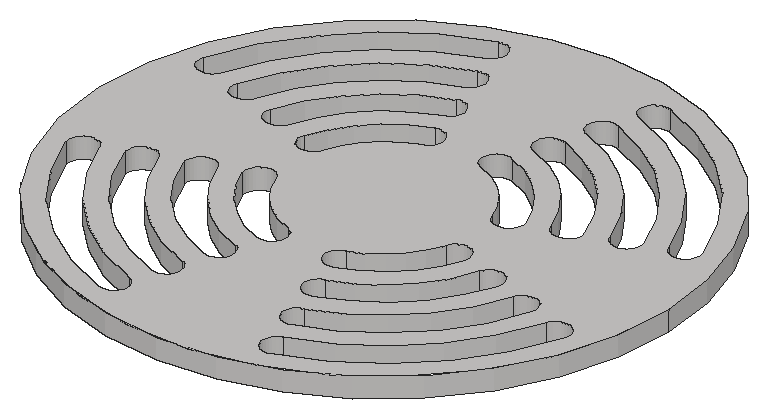
Revit family "CADS_AIRFLOWdev_FloorGrille_SatinStSteel140mm_Extract", category Generic Models, host Face, Revit 2015
Parameters (values of type "CADS_AIRFLOWdev_FloorGrille_SatinStSteel140mm_Extract")
  WeeklyMaintenance = "N/A"
  WarrantyStartDate [instance] = "1900-12-31T23:59:185"
  WarrantyPeriod = "0"
  WarrantyIdentifier = "N/A"
  WarrantyGuarantorParts = "info@airflow.com"
  WarrantyGuarantorLabor = "info@airflow.com"
  WarrantyGuarantor = "Airflow Developments Ltd"
  WarrantyEndDate [instance] = "1900-12-31T23:59:185"
  WarrantyContent = "N/A"
  Uniclass2015 = "Pr_65_70_46_07"
  TemperatureRange = "up to 40°C"
  TagNumber [instance] = "N/A"
  SustainabilityPerformance = "N/A"
  Status = "New"
  Size = "37 x 161 x 161"
  ShippingWeight = 0.54 kg
  Shape = "Round"
  ServiceLifeType = "EXPECTEDSERVICELIFE"
  ServiceLifeDuration = "10"
  SerialNumber [instance] = "N/A"
  SAPApproval = yes
  ReplacementCost = "78.744"
  RedDotDesignAward = no
  QuarterlyMaintenance = "N/A"
  Quantity = 1
  ProductionYear = "2017"
  ProductLiterature = "https://www.airflow.com/pdf/Accessories.pdf#page=14"
  PointOfContact = "Airflow Developments Ltd"
  PassiveHouseApproval = no
  NominalWidth = 161 mm
  NominalLength = 161 mm
  NominalHeight = 37 mm
  NBSCode = "90-75-50/370 Air terminals;"
  MonthlyMaintenance = "N/A"
  ModelReference [instance] = "9041174"
  ModelLabel [instance] = "Floor Grille Satin Stainless Steel"
  Material = "Steel"
  ManufacturerWebsite = "www.airflow.com"
  ManufacturerTelephone = "01494 525252"
  ManufacturerE-Mail = "info@airflow.com"
  ManufacturerAddress = "Aidelle House\nLancaster Road\nCressex Business Park\nHigh Wycombe\nBucks\nHP123QP"
  Manufacturer = "Airflow Developments Ltd"
  MaintenanceRequired8001to12000hrs = "N/A"
  MaintenanceRequired601to1000hrs = "N/A"
  MaintenanceRequired4001to8000hrs = "N/A"
  MaintenanceRequired301to600hrs = "N/A"
  MaintenanceRequired2001to4000hrs = "N/A"
  MaintenanceRequired1001to2000hrs = "N/A"
  MaintenanceRequired0to300hrs = "N/A"
  IsExtendedWarranty = no
  InstallationDate [instance] = "1900-12-31T23:59:185"
  ISO90001 = yes
  ISO140001 = yes
  GrossWeight = 0.45 kg
  Grade = "Stainless"
  GlobalTradeItemNumber [instance] = "5019009306087"
  Flow [instance] = 0.0 L/s
  Fitting Type = "Ignore"
  FireControlPanelLinks = no
  Finish = "Lacquer"
  Features = "Satin Stainless Steel Floor Grille"
  ExpectedServiceLife = 10
  Exclusions = "N/A"
  DurationUnit = "Year"
  Default Elevation = 1219.2 mm
  DailyMaintenance = "N/A"
  Constituents = "Floor Grille Satin Stainless Steel"
  Color = "Silver"
  CodePerformance = "N/A"
  CEApproval = yes
  CADS_Index = 0
  BespokeTimeFrameMaintenance = "N/A"
  AssetType = "FIXED"
  AssetIdentifier [instance] = "N/A"
  AssemblyPlace = "UNKNOWN"
  ArticleNumber [instance] = "N/A"
  AnnualMaintenance = "N/A"
  AccessibilityPerformance = "N/A"
  6MonthlyMaintenance = "Visually inspect system, clean the fan and ducting if necessary"
Types (2, lengths in mm): name | RedDotDesignAward | PassiveHouseApproval | NominalWidth | NominalLength | NominalHeight | IsExtendedWarranty | FireControlPanelLinks
  (no name) | yes | yes | 0 | 0 | 0 | yes | yes
  CADS_AIRFLOWdev_FloorGrille_SatinStSteel140mm_Extract | no | no | 161 | 161 | 37 | no | no
Values of the unnamed type that differ from the named types
  WeeklyMaintenance = ""
  WarrantyStartDate = ""
  WarrantyPeriod = ""
  WarrantyIdentifier = ""
  WarrantyGuarantorParts = ""
  WarrantyGuarantorLabor = ""
  WarrantyGuarantor = ""
  WarrantyEndDate = ""
  WarrantyContent = ""
  Uniclass2015 = ""
  TemperatureRange = ""
  TagNumber = ""
  SustainabilityPerformance = ""
  Status = ""
  Size = ""
  ShippingWeight = 0.00 kg
  Shape = ""
  ServiceLifeType = ""
  ServiceLifeDuration = ""
  SerialNumber = ""
  ReplacementCost = ""
  QuarterlyMaintenance = ""
  Quantity = 0
  ProductionYear = ""
  ProductLiterature = ""
  PointOfContact = ""
  NBSCode = ""
  MonthlyMaintenance = ""
  ModelReference = ""
  ModelLabel = ""
  Material = ""
  ManufacturerWebsite = ""
  ManufacturerTelephone = ""
  ManufacturerE-Mail = ""
  ManufacturerAddress = ""
  MaintenanceRequired8001to12000hrs = ""
  MaintenanceRequired601to1000hrs = ""
  MaintenanceRequired4001to8000hrs = ""
  MaintenanceRequired301to600hrs = ""
  MaintenanceRequired2001to4000hrs = ""
  MaintenanceRequired1001to2000hrs = ""
  MaintenanceRequired0to300hrs = ""
  InstallationDate = ""
  GrossWeight = 0.00 kg
  Grade = ""
  GlobalTradeItemNumber = ""
  Fitting Type = ""
  Finish = ""
  Features = ""
  ExpectedServiceLife = 0
  Exclusions = ""
  DurationUnit = ""
  DailyMaintenance = ""
  Constituents = ""
  Color = ""
  CodePerformance = ""
  BespokeTimeFrameMaintenance = ""
  AssetType = ""
  AssetIdentifier = ""
  AssemblyPlace = ""
  ArticleNumber = ""
  AnnualMaintenance = ""
  AccessibilityPerformance = ""
  6MonthlyMaintenance = ""
Reference planes
  plane 1 "Center (Front/Back)": y = 0
  plane 2: z = 0
  plane 3 "Center (Left/Right)": x = 0
Forms (mm)
  Extrusion 1, void
    sketch origin (0, 0, 0) x (1, 0, 0) y (0, 1, 0)
      loop
        circle (0, 0) r 70
    from 0 to -250
  Extrusion 2, solid, material "CADS_AIRFLOWdev_StainlessSteel"
    sketch origin (0, 0, 0) x (1, 0, 0) y (0, 1, 0)
      loop
        circle (0, 0) r 70
      loop
        arc (21.162, 61.459) -> (16.713, 59.289) -> (18.883, 54.84) r 3.5
        arc (18.883, 54.84) -> (41.012, 41.012) -> (54.84, 18.883) r 58
        arc (54.84, 18.883) -> (59.289, 16.713) -> (61.459, 21.162) r 3.5
        arc (61.459, 21.162) -> (45.962, 45.962) -> (21.162, 61.459) r 65
      loop
        arc (17.255, 50.112) -> (12.806, 47.943) -> (14.976, 43.494) r 3.5
        arc (14.976, 43.494) -> (32.527, 32.527) -> (43.494, 14.976) r 46
        arc (43.494, 14.976) -> (47.943, 12.806) -> (50.112, 17.255) r 3.5
        arc (50.112, 17.255) -> (37.477, 37.477) -> (17.255, 50.112) r 53
      loop
        arc (11.069, 32.148) -> (24.042, 24.042) -> (32.148, 11.069) r 34
        arc (32.148, 11.069) -> (36.596, 8.899) -> (38.766, 13.348) r 3.5
        arc (38.766, 13.348) -> (28.991, 28.991) -> (13.348, 38.766) r 41
        arc (13.348, 38.766) -> (8.899, 36.596) -> (11.069, 32.148) r 3.5
      loop
        arc (7.162, 20.801) -> (15.556, 15.556) -> (20.801, 7.162) r 22
        arc (20.801, 7.162) -> (25.25, 4.993) -> (27.42, 9.441) r 3.5
        arc (27.42, 9.441) -> (20.506, 20.506) -> (9.441, 27.42) r 29
        arc (9.441, 27.42) -> (4.993, 25.25) -> (7.162, 20.801) r 3.5
      loop
        arc (-21.162, 61.459) -> (-45.962, 45.962) -> (-61.459, 21.162) r 65
        arc (-61.459, 21.162) -> (-59.289, 16.713) -> (-54.84, 18.883) r 3.5
        arc (-54.84, 18.883) -> (-41.012, 41.012) -> (-18.883, 54.84) r 58
        arc (-18.883, 54.84) -> (-16.713, 59.289) -> (-21.162, 61.459) r 3.5
      loop
        arc (-17.255, 50.112) -> (-37.477, 37.477) -> (-50.112, 17.255) r 53
        arc (-50.112, 17.255) -> (-47.943, 12.806) -> (-43.494, 14.976) r 3.5
        arc (-43.494, 14.976) -> (-32.527, 32.527) -> (-14.976, 43.494) r 46
        arc (-14.976, 43.494) -> (-12.806, 47.943) -> (-17.255, 50.112) r 3.5
      loop
        arc (-11.069, 32.148) -> (-8.899, 36.596) -> (-13.348, 38.766) r 3.5
        arc (-13.348, 38.766) -> (-28.991, 28.991) -> (-38.766, 13.348) r 41
        arc (-38.766, 13.348) -> (-36.596, 8.899) -> (-32.148, 11.069) r 3.5
        arc (-32.148, 11.069) -> (-24.042, 24.042) -> (-11.069, 32.148) r 34
      loop
        arc (-7.162, 20.801) -> (-4.993, 25.25) -> (-9.441, 27.42) r 3.5
        arc (-9.441, 27.42) -> (-20.506, 20.506) -> (-27.42, 9.441) r 29
        arc (-27.42, 9.441) -> (-25.25, 4.993) -> (-20.801, 7.162) r 3.5
        arc (-20.801, 7.162) -> (-15.556, 15.556) -> (-7.162, 20.801) r 22
      loop
        arc (21.162, -61.459) -> (45.962, -45.962) -> (61.459, -21.162) r 65
        arc (61.459, -21.162) -> (59.289, -16.713) -> (54.84, -18.883) r 3.5
        arc (54.84, -18.883) -> (41.012, -41.012) -> (18.883, -54.84) r 58
        arc (18.883, -54.84) -> (16.713, -59.289) -> (21.162, -61.459) r 3.5
      loop
        arc (17.255, -50.112) -> (37.477, -37.477) -> (50.112, -17.255) r 53
        arc (50.112, -17.255) -> (47.943, -12.806) -> (43.494, -14.976) r 3.5
        arc (43.494, -14.976) -> (32.527, -32.527) -> (14.976, -43.494) r 46
        arc (14.976, -43.494) -> (12.806, -47.943) -> (17.255, -50.112) r 3.5
      loop
        arc (11.069, -32.148) -> (8.899, -36.596) -> (13.348, -38.766) r 3.5
        arc (13.348, -38.766) -> (28.991, -28.991) -> (38.766, -13.348) r 41
        arc (38.766, -13.348) -> (36.596, -8.899) -> (32.148, -11.069) r 3.5
        arc (32.148, -11.069) -> (24.042, -24.042) -> (11.069, -32.148) r 34
      loop
        arc (7.162, -20.801) -> (4.993, -25.25) -> (9.441, -27.42) r 3.5
        arc (9.441, -27.42) -> (20.506, -20.506) -> (27.42, -9.441) r 29
        arc (27.42, -9.441) -> (25.25, -4.993) -> (20.801, -7.162) r 3.5
        arc (20.801, -7.162) -> (15.556, -15.556) -> (7.162, -20.801) r 22
      loop
        arc (-21.162, -61.459) -> (-16.713, -59.289) -> (-18.883, -54.84) r 3.5
        arc (-18.883, -54.84) -> (-41.012, -41.012) -> (-54.84, -18.883) r 58
        arc (-54.84, -18.883) -> (-59.289, -16.713) -> (-61.459, -21.162) r 3.5
        arc (-61.459, -21.162) -> (-45.962, -45.962) -> (-21.162, -61.459) r 65
      loop
        arc (-17.255, -50.112) -> (-12.806, -47.943) -> (-14.976, -43.494) r 3.5
        arc (-14.976, -43.494) -> (-32.527, -32.527) -> (-43.494, -14.976) r 46
        arc (-43.494, -14.976) -> (-47.943, -12.806) -> (-50.112, -17.255) r 3.5
        arc (-50.112, -17.255) -> (-37.477, -37.477) -> (-17.255, -50.112) r 53
      loop
        arc (-11.069, -32.148) -> (-24.042, -24.042) -> (-32.148, -11.069) r 34
        arc (-32.148, -11.069) -> (-36.596, -8.899) -> (-38.766, -13.348) r 3.5
        arc (-38.766, -13.348) -> (-28.991, -28.991) -> (-13.348, -38.766) r 41
        arc (-13.348, -38.766) -> (-8.899, -36.596) -> (-11.069, -32.148) r 3.5
      loop
        arc (-7.162, -20.801) -> (-15.556, -15.556) -> (-20.801, -7.162) r 22
        arc (-20.801, -7.162) -> (-25.25, -4.993) -> (-27.42, -9.441) r 3.5
        arc (-27.42, -9.441) -> (-20.506, -20.506) -> (-9.441, -27.42) r 29
        arc (-9.441, -27.42) -> (-4.993, -25.25) -> (-7.162, -20.801) r 3.5
    from 0 to -5
Dimensions and locks
  aligned and locked: plane 2 to host face
  aligned and locked: level to host face
Connectors
  hvac at (0, 0, -5), driven by "Flow"
    settings: on Extrusion 2, index 1, duct flow 0.0 L/s, flow factor 0, pres drop 0.0 Pa, loss coef 0, conn angle 0.00°, conn width 304.8 mm, conn height 304.8 mm, conn diameter 140 mm, duct sys type 2, conn prof type 0, flow config 1, flow direction 2, loss method 0, conn ref index -1, conn util no, is conn primary yes, conn desc ""
